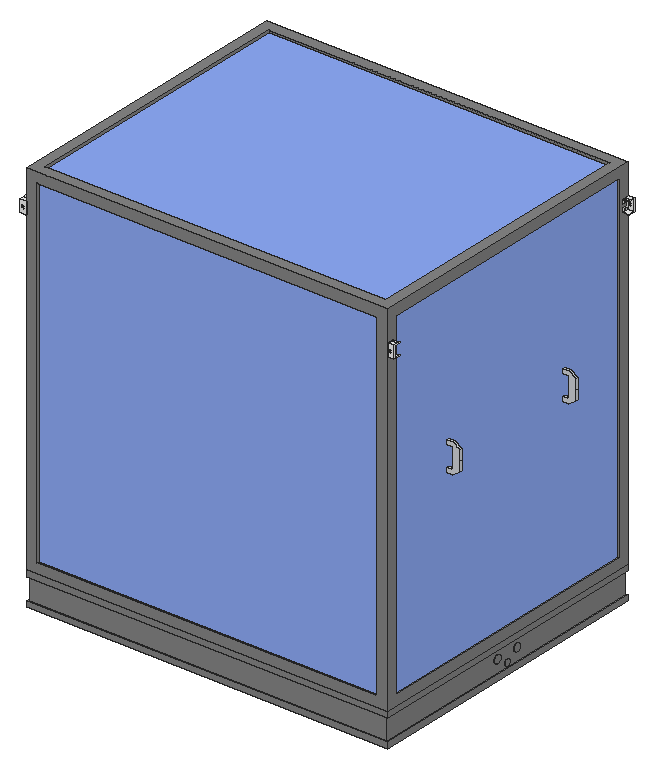
Revit family "12. Секция сотового увлажнения ANR U2", category Оборудование, Revit 2016
Family settings
  Тип детали = Нормальный
  Размер круглого соединителя = Использовать диаметр
  На основе рабочей плоскости = Нет
  Всегда вертикально = Да
  При загрузке вырезать с полостями = Нет
  Общий = Нет
  Точка расчета площади = Нет
Parameters (values of type "ANR 8 U2.2")
  Эффективность увлажнения, % = "95"
  Ширина = А - 75 mm  # 1245 mm
  Синий = Синий
  Середина = h + Б1 / 2  # 780 mm
  Мощность насоса, Вт = 190 W
  Д2 = Д1 / 4  # 270 mm
  Д1 = Д - 20 mm  # 1080 mm
  Д = 1100 mm  # constant formula
  ножки(да/нет) [instance] = no
  Высота = Б - 75 mm  # 1245 mm
  Б1 = Б - 20 mm  # 1300 mm
  А1 = А - 20 mm  # 1300 mm
  А = 1320 mm
  высота ножек = 120 mm
  Б = 1320 mm
  Частотный преобразователь [instance] = no
  Тип, марка, обозначение = "ANR 8 U2.2"
  Сила тока J, А = "6.7"
  Регулятор расхода [instance] = no
  Раздел = "ОВ"
  Примечание = ""
  Позиция = ""
  Напряжение U,В = "1-220"
  Наименование и тех.хар-ка = "Секция сотового увлажнения"  # constant formula
  Материал = Сталь серая
  Масса единицы = ""
  Код, оборудования = ""
  Ключевая пометка = "Вентиляция"
  Задание электрикам [instance] = no
  Задание автоматчикам [instance] = no
  Завод изготовитель = "KORF"  # constant formula
  Единица измерения = "шт."  # constant formula
  h = высота ножек + 10 mm  # 130 mm
  d слива = 25.4 mm * 3 / 4  # 19.05 mm
  D залива и перелива = 25.4 mm  # constant formula
Types (16, lengths in mm): name | Эффективность увлажнения, % | Ширина | Середина | Мощность насоса, Вт | Высота | Б1 | А1 | А | Б | Тип, марка, обозначение | Сила тока J, А
  ANR 6 U2.1 | "85" | 1025 | 670 | 190 W | 1025 | 1080 | 1080 | 1100 | 1100 | "ANR 6 U2.1" | "6.7"
  ANR 6 U2.2 | "95" | 1025 | 670 | 190 W | 1025 | 1080 | 1080 | 1100 | 1100 | "ANR 6 U2.2" | "6.7"
  ANR 7 U2.1 | "85" | 1025 | 780 | 190 W | 1245 | 1300 | 1080 | 1100 | 1320 | "ANR 7 U2.1" | "6.7"
  ANR  7 U2.2 | "95" | 1025 | 780 | 190 W | 1245 | 1300 | 1080 | 1100 | 1320 | "ANR 7 U2.2" | "6.7"
  ANR 8 U2.1 | "85" | 1245 | 780 | 190 W | 1245 | 1300 | 1300 | 1320 | 1320 | "ANR 8 U2.1" | "6.7"
  ANR 8 U2.2 | "95" | 1245 | 780 | 190 W | 1245 | 1300 | 1300 | 1320 | 1320 | "ANR 8 U2.2" | "6.7"
  ANR 12 U2.1 | "85" | 1360 | 837.5 | 190 W | 1360 | 1415 | 1415 | 1435 | 1435 | "ANR 12 U2.1" | "6.7"
  ANR 12 U2.2 | "95" | 1360 | 837.5 | 190 W | 1360 | 1415 | 1415 | 1435 | 1435 | "ANR 12 U2.2" | "6.7"
  ANR 20 U2.1 | "85" | 1585 | 950 | 350 W | 1585 | 1640 | 1640 | 1660 | 1660 | "ANR 20 U2.1" | "14"
  ANR 20 U2.2 | "95" | 1585 | 950 | 350 W | 1585 | 1640 | 1640 | 1660 | 1660 | "ANR 20 U2.2" | "14"
  ANR 25 U2.1 | "85" | 1970 | 1142.5 | 350 W | 1970 | 2025 | 2025 | 2045 | 2045 | "ANR 25 U2.1" | "14"
  ANR 25 U2.2 | "95" | 1970 | 1142.5 | 350 W | 1970 | 2025 | 2025 | 2045 | 2045 | "ANR 25 U2.2" | "14"
  ANR 30 U2.1 | "85" | 2410 | 1142.5 | 350 W | 1970 | 2025 | 2465 | 2485 | 2045 | "ANR 30 U2.1" | "14"
  ANR 30 U2.2 | "95" | 2410 | 1142.5 | 350 W | 1970 | 2025 | 2465 | 2485 | 2045 | "ANR 30 U2.2" | "14"
  ANR 35 U2.1 | "85" | 2410 | 1362.5 | 350 W | 2410 | 2465 | 2465 | 2485 | 2485 | "ANR 35 U2.1" | "14"
  ANR 35 U2.2 | "95" | 2410 | 1362.5 | 350 W | 2410 | 2465 | 2465 | 2485 | 2485 | "ANR 35 U2.2" | "14"
Reference planes
  plane 1 "По центру (Вперед/Назад)": y = 0
  plane 2: z = 0
  plane 3 "По центру (Влево/Вправо)": x = 0
  plane 4: x = -650
  plane 5: x = 650
  plane 6: y = 540
  plane 7: y = -540
  plane 8: z = 1430
  plane 9: z = 130
  plane 10: z = 780
  plane 11: z = 1330
  plane 12: x = 574.5
  plane 13: x = 700
  plane 14: y = -270
  plane 15: y = 270
  plane 16: z = 70
  plane 17: z = 40
  plane 18: y = -45
  plane 19: y = 45
  plane 20: x = 660
Forms (mm)
  Extrusion 1, solid, material "Синий" <- "Синий"
    sketch origin (0, 0, 50) x (1, 0, 0) y (0, 1, 0)
      loop
        line (-650, 540) -> (-650, -540) -> (650, -540) -> (650, 540) -> (-650, 540)
    from 80 to 1380
  Sweep 2, solid, material "Сталь серая" <- "Материал"
    path origin (650, -540, 50) x (-1, 0, 0) y (0, 0, -1)
      loop
        line (0, -1380) -> (1300, -1380) -> (1300, -80) -> (0, -80) -> (0, -1380)
    profile "Профиль уголок 10х10 : Профиль уголок 10х10" origin (0, -540, 1430) x (0, 0, -1) y (0, -1, 0)
      loop
        line (0, -27.5) -> (0, 0) -> (27.5, 0) -> (27.5, 10) -> (-10, 10) -> (-10, -27.5) -> (0, -27.5)
  Sweep 3, solid, material "Сталь серая" <- "Материал"
    path origin (-650, 540, 50) x (1, 0, 0) y (0, 0, -1)
      loop
        line (0, -1380) -> (1300, -1380) -> (1300, -80) -> (0, -80) -> (0, -1380)
    profile "Профиль уголок 10х10 : Профиль уголок 10х10" origin (0, 540, 1430) x (0, 0, -1) y (0, 1, 0)
      loop
        line (0, -27.5) -> (0, 0) -> (27.5, 0) -> (27.5, 10) -> (-10, 10) -> (-10, -27.5) -> (0, -27.5)
  Sweep 4, solid, material "Сталь серая" <- "Материал"
    path origin (650, 540, 50) x (0, -1, 0) y (0, 0, -1)
      loop
        line (0, -1380) -> (1080, -1380) -> (1080, -80) -> (0, -80) -> (0, -1380)
    profile "Профиль уголок 10х10 : Профиль уголок 10х10" origin (650, 0, 1430) x (0, 0, -1) y (1, 0, 0)
      loop
        line (0, -27.5) -> (0, 0) -> (27.5, 0) -> (27.5, 10) -> (-10, 10) -> (-10, -27.5) -> (0, -27.5)
  Sweep 5, solid, material "Сталь серая" <- "Материал"
    path origin (-650, -540, 50) x (0, 1, 0) y (0, 0, -1)
      loop
        line (0, -1380) -> (1080, -1380) -> (1080, -80) -> (0, -80) -> (0, -1380)
    profile "Профиль уголок 10х10 : Профиль уголок 10х10" origin (-650, 0, 1430) x (0, 0, -1) y (-1, 0, 0)
      loop
        line (0, -27.5) -> (0, 0) -> (27.5, 0) -> (27.5, 10) -> (-10, 10) -> (-10, -27.5) -> (0, -27.5)
  Extrusion 6, void, not visible
    sketch origin (-345, -245, 50) x (0, -1, 0) y (0, 0, -1)
      loop
        line (-477.965, -475) -> (-477.965, -450) -> (-528.913, -450) -> (-528.913, -475) -> (-477.965, -475)
    from -47.452 to 12
  Sweep 7, solid, material "Сталь серая" <- "Материал"
    path origin (0, 0, 0) x (1, 0, 0) y (0, 1, 0)
      loop
        line (-650, 540) -> (-650, -540) -> (650, -540) -> (650, 540) -> (-650, 540)
    profile "Семейство1 : Семейство1" origin (0, 540, 0) x (0, 1, 0) y (0, 0, 1)
      loop
        line (-10, 120) -> (-10, 100) -> (-3.38, 100) -> (-3.38, 20) -> (-10, 20) -> (-10, 0) -> (10, 0) -> (10, 20) -> (3.38, 20) -> (3.38, 100) -> (10, 100) -> (10, 120) -> (-10, 120)
  Extrusion 8, solid, material "Сталь серая" <- "Материал"
    sketch origin (0, 0, 0) x (0, 1, 0) y (0, 0, 1)
      loop
        circle (45, 70) r 12.7
    from 650 to 660
  Extrusion 9, solid, material "Сталь серая" <- "Материал"
    sketch origin (0, 0, 0) x (0, 1, 0) y (0, 0, 1)
      loop
        circle (-45, 70) r 12.7
    from 650 to 660
  Extrusion 10, solid, material "Сталь серая" <- "Материал"
    sketch origin (0, 0, 0) x (0, 1, 0) y (0, 0, 1)
      loop
        circle (0, 40) r 9.525
    from 650 to 660
Cuts and joins
  joined: Sweep 2, Sweep 3, Sweep 4, Sweep 5
  joined: Sweep 7, Extrusion 8, Extrusion 9, Extrusion 10
Lines and regions (mm)
  model lines
    curve 1: line (650, -540, 1430) -> (-650, -540, 1430)
    curve 2: line (-650, -540, 1430) -> (-650, -540, 130)
    curve 3: line (-650, -540, 130) -> (650, -540, 130)
    curve 4: line (650, -540, 130) -> (650, -540, 1430)
    curve 5: line (650, -540, 1430) -> (-650, -540, 1430)
    curve 6: line (-650, -540, 1430) -> (-650, -540, 130)
    curve 7: line (-650, -540, 130) -> (650, -540, 130)
    curve 8: line (650, -540, 130) -> (650, -540, 1430)
    curve 9: line (650, -540, 1430) -> (-650, -540, 1430)
    curve 10: line (-650, -540, 1430) -> (-650, -540, 130)
    curve 11: line (-650, -540, 130) -> (650, -540, 130)
    curve 12: line (650, -540, 130) -> (650, -540, 1430)
    curve 13: line (-650, 540, 1430) -> (650, 540, 1430)
    curve 14: line (650, 540, 1430) -> (650, 540, 130)
    curve 15: line (650, 540, 130) -> (-650, 540, 130)
    curve 16: line (-650, 540, 130) -> (-650, 540, 1430)
Dimensions and locks
  equal spacing: plane 6, plane 1 "По центру (Вперед/Назад)", plane 7
  "Д1": plane 6 to plane 7
  equal spacing: plane 4, plane 3 "По центру (Влево/Вправо)", plane 5
  "А1": plane 4 to plane 5
  "h": plane 9 to level
  "Б1": plane 8 to plane 9
  cut or joined group of Sweep 2, Sweep 3, Sweep 4, Sweep 5 to level = 120 mm
  "Середина": plane 10 to level
  locked: plane 8 to plane 11 at 100
  locked: plane 13 to plane 5 at 50
  plane 1 "По центру (Вперед/Назад)" to plane 7 = 540 mm
  plane 6 to plane 1 "По центру (Вперед/Назад)" = 540 mm
  "Д2": plane 14 to plane 1 "По центру (Вперед/Назад)"
  "Д2": plane 1 "По центру (Вперед/Назад)" to plane 15
  equal spacing: plane 18, plane 1 "По центру (Вперед/Назад)", plane 19
  plane 9 to plane 16 = 60 mm
  plane 9 to plane 17 = 90 mm
  locked: plane 5 to plane 20 at 10
  "D залива и перелива": diameter of Extrusion 8 sketch curve
  "D залива и перелива": diameter of Extrusion 9 sketch curve
  "d слива": diameter of Extrusion 10 sketch curve
  aligned and locked: level to plane 2
  aligned and locked: plane 6 to Extrusion 1
  aligned and locked: Extrusion 1 to plane 5
  aligned and locked: Extrusion 1 to plane 7
  aligned and locked: Extrusion 1 to plane 4
  aligned and locked: plane 8 to Extrusion 1
  aligned and locked: Extrusion 1 to plane 9
  aligned and locked: Sweep 4 sketch curve to Extrusion 1  (x2)
  aligned and locked: Sweep 5 sketch curve to Extrusion 1  (x2)
  aligned and locked: Sweep 7 sketch curve to Extrusion 1  (x4)
  aligned and locked: nested 3 to cut or joined group of Sweep 2, Sweep 3, Sweep 4, Sweep 5  (x2)
  aligned and locked: plane 11 to nested 3
  aligned and locked: nested 4 to plane 11
  aligned and locked: cut or joined group of Sweep 2, Sweep 3, Sweep 4, Sweep 5 to nested 4  (x2)
  aligned and locked: cut or joined group of Sweep 2, Sweep 3, Sweep 4, Sweep 5 to nested 3
  aligned and locked: cut or joined group of Sweep 2, Sweep 3, Sweep 4, Sweep 5 to nested 6
  aligned and locked: nested 5 to cut or joined group of Sweep 2, Sweep 3, Sweep 4, Sweep 5
  aligned and locked: plane 11 to nested 6
  aligned and locked: nested 5 to plane 11
  aligned and locked: nested 2 to plane 13
  aligned and locked: nested 6 to cut or joined group of Sweep 2, Sweep 3, Sweep 4, Sweep 5
  aligned and locked: cut or joined group of Sweep 2, Sweep 3, Sweep 4, Sweep 5 to nested 5
  aligned and locked: nested 2 to plane 14
  aligned and locked: nested 7 to plane 15
  aligned and locked: plane 10 to nested 2
  aligned and locked: plane 10 to nested 7
  aligned and locked: nested 7 to plane 13  (x2)
  aligned and locked: cut or joined group of Sweep 7, Extrusion 8, Extrusion 9, Extrusion 10 to plane 20  (x3)
  aligned and locked: cut or joined group of Sweep 7, Extrusion 8, Extrusion 9, Extrusion 10 to plane 5  (x3)
Automatic sketch dimensions
  Extrusion 6 sketch curve to Extrusion 6 sketch curve = 50.949 mm
  Extrusion 6 sketch curve to Extrusion 6 sketch curve = 25 mm
  Extrusion 1 sketch curve to plane 4 = 0 mm
  Extrusion 1 sketch curve to plane 5 = 0 mm
  Extrusion 1 sketch curve to plane 7 = 0 mm
  Extrusion 1 sketch curve to plane 6 = 0 mm
  curve 6 to Extrusion 1 = 0 mm  (x2)
  curve 1 to Extrusion 1 = 0 mm  (x2)
  Sweep 2 sketch curve to Extrusion 1 = 0 mm  (x4)
  curve 16 to Extrusion 1 = 0 mm
  Extrusion 1 to curve 16 = 0 mm
  curve 15 to Extrusion 1 = 0 mm  (x2)
  Sweep 3 sketch curve to Extrusion 1 = 0 mm  (x3)
  Extrusion 1 to Sweep 3 sketch curve = 0 mm
  Sweep 4 sketch curve to Extrusion 1 = 0 mm  (x2)
  Sweep 5 sketch curve to Extrusion 1 = 0 mm  (x2)
  Extrusion 8 sketch curve to plane 16 = 0 mm
  Extrusion 8 sketch curve to plane 19 = 0 mm
  Extrusion 9 sketch curve to plane 16 = 0 mm
  Extrusion 9 sketch curve to plane 18 = 0 mm
  Extrusion 10 sketch curve to plane 1 "По центру (Вперед/Назад)" = 0 mm
  Extrusion 10 sketch curve to plane 17 = 0 mm
Nested families
  nested 1: "крепление 15мм" at (-330, 229.965, 495), type "крепление 15мм", not visible
  nested 2: "Ручка" at (662.018, -270, 837.708), type "Ручка"
  nested 3: "крепеж" at (684.5, -550, 1285.175) x (-1, 0, 0) z (0, 0, 1), type "крепеж"
  nested 4: "крепеж" at (684.5, 550, 1285.175) x (-1, 0, 0) z (0, 0, 1), type "крепеж"
  nested 5: "крепеж" at (-684.5, -550, 1285.175), type "крепеж"
  nested 6: "крепеж" at (-684.5, 550, 1285.175), type "крепеж"
  nested 7: "Ручка" at (662.018, 260, 837.708), type "Ручка"
Connectors
  hvac at (0, -550, 780), driven by "Высота", driven by "Ширина"
    settings: on cut or joined group of Sweep 2, Sweep 3, Sweep 4, Sweep 5, index 1, duct flow 0.0 L/s, flow factor 0, pres drop 0.0 Pa, loss coef 0, conn angle 0.00°, conn width 1245 mm, conn height 1245 mm, conn diameter 609.6 mm, duct sys type 28, conn prof type 1, flow config 0, flow direction 0, loss method 0, conn ref index -1, conn util no, is conn primary yes, conn desc ""
  hvac at (0, 550, 780), driven by "Высота", driven by "Ширина"
    settings: on cut or joined group of Sweep 2, Sweep 3, Sweep 4, Sweep 5, index 2, duct flow 0.0 L/s, flow factor 0, pres drop 0.0 Pa, loss coef 0, conn angle 0.00°, conn width 1245 mm, conn height 1245 mm, conn diameter 609.6 mm, duct sys type 28, conn prof type 1, flow config 0, flow direction 0, loss method 0, conn ref index -1, conn util no, is conn primary no, conn desc ""
  piping at (660, 45, 70), diameter 25.4, driven by "D залива и перелива"
    settings: on cut or joined group of Sweep 7, Extrusion 8, Extrusion 9, Extrusion 10, index 3, connector inside diameter 609.6 mm, connector length 0 mm, flow factor 0, pipe flow 0.0 L/s, pressure drop 0.0 Pa, fitting loss kfactor 0, connector angle 0.00°, fixture units 0, engagement length 0 mm, angle of deflection 0.00°, flow configuration 0, flow direction 0, fitting loss method 0, system type 28, joint type 0, gender type 0, connector reference index -1, connector utility 0, adjustable connector no, is connector primary yes, connector description ""
  piping at (660, -45, 70), diameter 25.4, driven by "D залива и перелива"
    settings: on cut or joined group of Sweep 7, Extrusion 8, Extrusion 9, Extrusion 10, index 4, connector inside diameter 609.6 mm, connector length 0 mm, flow factor 0, pipe flow 0.0 L/s, pressure drop 0.0 Pa, fitting loss kfactor 0, connector angle 0.00°, fixture units 0, engagement length 0 mm, angle of deflection 0.00°, flow configuration 0, flow direction 0, fitting loss method 0, system type 28, joint type 0, gender type 0, connector reference index -1, connector utility 0, adjustable connector no, is connector primary no, connector description ""
  piping at (660, 0, 40), diameter 19.05, driven by "d слива"
    settings: on cut or joined group of Sweep 7, Extrusion 8, Extrusion 9, Extrusion 10, index 5, connector inside diameter 609.6 mm, connector length 0 mm, flow factor 0, pipe flow 0.0 L/s, pressure drop 0.0 Pa, fitting loss kfactor 0, connector angle 0.00°, fixture units 0, engagement length 0 mm, angle of deflection 0.00°, flow configuration 0, flow direction 0, fitting loss method 0, system type 28, joint type 0, gender type 0, connector reference index -1, connector utility 0, adjustable connector no, is connector primary no, connector description ""
Definition of nested family "крепление 15мм"
  Parameters (values of type "крепление 15мм")
    Материал крепления = none
  Reference planes
    plane 1 "По центру (Вперед/Назад)": y = 0
    plane 2: z = 0
    plane 3 "По центру (Влево/Вправо)": x = 0
  Forms (mm)
    Extrusion 1, solid, material <- "Материал крепления"
      sketch origin (0, 0, 0) x (1, 0, 0) y (0, 1, 0)
        loop
          line (-25, 0) -> (0, 0) -> (0, 18.31) -> (0, 25) -> (-3, 25) -> (-3, 3) -> (-25, 3) -> (-25, 0)
      from 0 to 30
    Extrusion 2, void
      sketch origin (0, 0, 0) x (1, 0, 0) y (0, 1, 0)
        loop
          line (-3, 3) -> (-3, 54.96) -> (-58, 54.96) -> (-58, 3) -> (-3, 3)
      from 0 to 15
  Cuts and joins
    Extrusion 2 cuts Extrusion 1
  Dimensions and locks
    Extrusion 1 sketch curve to Extrusion 1 sketch curve = 3 mm  (x2)
    Extrusion 1 sketch curve to Extrusion 1 sketch curve to plane 3 "По центру (Влево/Вправо)" = 25 mm, 0 mm
    Extrusion 1 sketch curve to Extrusion 1 sketch curve = 25 mm
    aligned and locked: level to plane 2
Definition of nested family "Ручка"
  Parameters (values of type "Ручка")
    материал ручки = none
  Reference planes
    plane 1 "По центру (Вперед/Назад)": y = 0
    plane 2: z = 0
    plane 3 "По центру (Влево/Вправо)": x = 0
    plane 4: x = -37.982
    plane 5: x = 37.982
  Forms (mm)
    Extrusion 1, solid, material <- "материал ручки", not visible
      sketch origin (-3.982, 0, -4.834) x (0, 0, 1) y (-1, 0, 0)
        loop
          line (-52.874, -42.815) -> (53.726, -42.815) -> (53.726, 8.783) -> (36.069, 34) -> (1.069, 34) -> (-36.069, 34) -> (-52.874, 10) -> (-52.874, -42.815)
      from 0 to 10
    Extrusion 2, void, not visible
      sketch origin (-3.982, 0, -4.834) x (0, 0, 1) y (-1, 0, 0)
        loop
          line (-37.219, -42.815) -> (37.781, -42.815) -> (37.781, 20.04) -> (-37.219, 20.04) -> (-37.219, -42.815)
      from 0 to 50
    Extrusion 3, solid, material <- "материал ручки"
      sketch origin (3.982, 0, -4.834) x (0, 0, 1) y (-1, 0, 0)
        loop
          line (-52.874, 42.815) -> (-52.874, -10) -> (-36.069, -34) -> (1.069, -34) -> (36.069, -34) -> (53.726, -8.783) -> (53.726, 42.815) -> (-52.874, 42.815)
      from 0 to 10
    Extrusion 4, void
      sketch origin (3.982, 0, -4.834) x (0, 0, 1) y (-1, 0, 0)
        loop
          line (-37.219, 42.815) -> (-37.219, -11.018) -> (37.781, -11.018) -> (37.781, 42.815) -> (-37.219, 42.815)
      from 0 to 50
  Cuts and joins
    Extrusion 4 cuts Extrusion 3
  Dimensions and locks
    aligned and locked: level to plane 2
Definition of nested family "крепеж"
  Parameters (values of type "крепеж")
    Материал крепежа = none
  Reference planes
    plane 1 "По центру (Вперед/Назад)": y = 0
    plane 2: z = 0
    plane 3 "По центру (Влево/Вправо)": x = 0
    plane 4: x = 24.5
    plane 5: z = 22.413
  Forms (mm)
    Extrusion 1, solid, material <- "Материал крепежа"
      sketch origin (0, 0, 0) x (0, 1, 0) y (0, 0, 1)
        loop
          line (0, 44.825) -> (-16.343, 44.825) -> (-24.468, 44.825) -> (-24.468, 42.95) -> (-1.968, 42.95) -> (-1.968, 1.657) -> (-24.468, 1.657) -> (-24.468, 0) -> (-16.343, 0) -> (0, 0) -> (0, 44.825)
      from 0 to 24.5
    Extrusion 2, void
      sketch origin (0.625, 0, -0.625) x (1, 0, 0) y (0, 0, 1)
        loop
          circle (11.121, 22.873) r 5
      from 0 to 250
    Extrusion 3, solid, material <- "Материал крепежа"
      sketch origin (0, 0, 0.175) x (1, 0, 0) y (0, 0, 1)
        loop
          line (24.5, 44.651) -> (22.651, 44.651) -> (22.651, -0.175) -> (24.5, -0.175) -> (24.5, 44.651)
      from 0 to 24.468
    Extrusion 4, void
      sketch origin (0, 0, 0) x (0, 1, 0) y (0, 0, 1)
        loop
          line (-24.468, 28.943) -> (-24.468, 15.882) -> (-9.468, 15.882) -> (-9.468, 28.943) -> (-24.468, 28.943)
      from 0 to 250
    Blend 5, solid
      base sketch origin (0, 0, 0) x (0, 1, 0) y (0, 0, 1)
        loop
          circle (-15.104, 36.823) r 4.161
      top sketch origin (0, 0, 0) x (0, 1, 0) y (0, 0, 1)
        loop
          circle (-15.104, 36.823) r 2.994
      from 22.651 to 19.241
    Blend 6, solid
      base sketch origin (0, 0, 44.825) x (0, 1, 0) y (0, 0, 1)
        loop
          circle (-15.104, -36.823) r 4.161
      top sketch origin (0, 0, 44.825) x (0, 1, 0) y (0, 0, 1)
        loop
          circle (-15.104, -36.823) r 2.994
      from 22.651 to 19.241
  Cuts and joins
    Extrusion 2, Extrusion 4 cuts Extrusion 1
    Extrusion 4 cuts Extrusion 3
    joined: Extrusion 1, Extrusion 3
  Dimensions and locks
    plane 3 "По центру (Влево/Вправо)" to plane 4 = 24.5 mm
    equal spacing: cut or joined group of Extrusion 1, Extrusion 2, Extrusion 3, Extrusion 4, plane 5, cut or joined group of Extrusion 1, Extrusion 2, Extrusion 3, Extrusion 4
    equal spacing: Extrusion 4 sketch curve, plane 5, Extrusion 4 sketch curve
    aligned and locked: level to plane 2
    aligned and locked: plane 4 to Extrusion 1
    aligned and locked: cut or joined group of Extrusion 1, Extrusion 2, Extrusion 3, Extrusion 4 to cut or joined group of Extrusion 1, Extrusion 2, Extrusion 3, Extrusion 4  (x3)
    aligned and locked: cut or joined group of Extrusion 1, Extrusion 2, Extrusion 3, Extrusion 4 to Blend 5
  Automatic sketch dimensions
    Extrusion 1 sketch curve to level = 0 mm
    Extrusion 1 sketch curve to plane 1 "По центру (Вперед/Назад)" = 0 mm
    plane 1 "По центру (Вперед/Назад)" to Extrusion 1 sketch curve = 1.968 mm
    Extrusion 1 sketch curve to Extrusion 1 sketch curve = 14.375 mm  (x2)
    level to Extrusion 1 sketch curve = 1.657 mm
    Extrusion 1 sketch curve to Extrusion 1 sketch curve = 8.125 mm  (x2)
    plane 5 to Extrusion 1 sketch curve = 20.538 mm
    Extrusion 1 sketch curve to Extrusion 1 sketch curve = 1.875 mm
    Extrusion 2 sketch curve to plane 5 = 0.165 mm
    plane 3 "По центру (Влево/Вправо)" to Extrusion 2 sketch curve = 11.746 mm
    Extrusion 3 sketch curve to level = 0 mm
    Extrusion 3 sketch curve to plane 4 = 0 mm
    Extrusion 3 sketch curve to Extrusion 3 sketch curve = 1.849 mm
    plane 5 to Extrusion 3 sketch curve = 22.413 mm
    Extrusion 4 sketch curve to plane 5 = 6.531 mm
    plane 1 "По центру (Вперед/Назад)" to Extrusion 4 sketch curve = 24.468 mm
    plane 1 "По центру (Вперед/Назад)" to Extrusion 4 sketch curve = 9.468 mm
    plane 1 "По центру (Вперед/Назад)" to Blend 5 sketch curve = 15.104 mm  (x2)
    plane 5 to Blend 5 sketch curve = 14.41 mm  (x2)
    Blend 6 sketch curve to plane 1 "По центру (Вперед/Назад)" = 15.104 mm  (x2)
    Blend 6 sketch curve to level = 8.002 mm  (x2)
    radius of Extrusion 2 sketch curve = 5 mm
    radius of Blend 5 sketch curve = 4.161 mm
    radius of Blend 5 sketch curve = 2.994 mm
    radius of Blend 6 sketch curve = 4.161 mm
    radius of Blend 6 sketch curve = 2.994 mm
